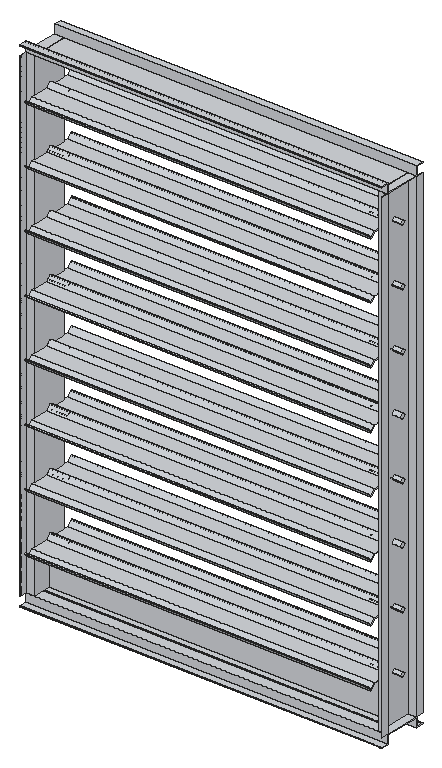
Revit family "CD-110,111", category Mechanical Equipment, Revit 2015
Parameters
  URL = "http://unitedenertech.com/catalog/pdf/A_3%20CD-110,%20111.pdf"
  Type Comments = "Max. Single Section Size is (48\"w x 60\"h)"
  Model = "CD-110, CD-111"
  Manufacturer = "United Enertech Corporation"
  Keynote = "This model is only a representation of the product, blade position will vary from built dampers."
  Exact Width = 3' - 0"
  Exact Height = 4' - 2"
  Description = "Opposed Blade / Parallel Blade Heavy Duty Steel Blade Control Damper"
  Blade Spacing = 0' - 5 3/4"
  Blade Number [instance] = rounddown((Exact Height - 0' 4") / Blade Spacing)  # 8
  BW [instance] = Exact Width - 0' 1 247/256"  # 2' - 10 9/256"
Reference planes (in)
  plane 1 "Center (Front/Back)": y = 0
  plane 2: z = 0
  plane 3 "Center (Left/Right)": x = 0
  plane 4: x = -18
  plane 5: x = 18
  plane 6: z = 50
  plane 7: z = 49.0652
  plane 8: z = 0.9348
  plane 9: x = -17.0652
  plane 10: x = 17.0652
  plane 11: z = 45.63988
Forms (in)
  Extrusion 1, solid
    sketch origin (18.89882, -8.11588, 0) x (1, 0, 0) y (0, 1, 0)
      loop
        line (-36.83902, 8.11588) -> (-36.83902, 8.17568) -> (-36.83902, 8.80608) -> (-35.96402, 8.80608) -> (-35.96402, 12.42568) -> (-36.83902, 12.42568) -> (-36.83902, 13.05608) -> (-36.83902, 13.11588) -> (-36.89882, 13.11588) -> (-36.89882, 12.36588) -> (-36.02382, 12.36588) -> (-36.02382, 8.86588) -> (-36.89882, 8.86588) -> (-36.89882, 8.11588) -> (-36.83902, 8.11588)
    from 0.9348 to 49.0652
  Extrusion 2, solid
    sketch origin (-18.89882, -8.11588, 0) x (-1, 0, 0) y (0, -1, 0)
      loop
        line (-36.83902, -8.11588) -> (-36.89882, -8.11588) -> (-36.89882, -8.86588) -> (-36.02382, -8.86588) -> (-36.02382, -12.36588) -> (-36.89882, -12.36588) -> (-36.89882, -13.11588) -> (-36.83902, -13.11588) -> (-36.83902, -13.05608) -> (-36.83902, -12.42568) -> (-35.96402, -12.42568) -> (-35.96402, -8.80608) -> (-36.83902, -8.80608) -> (-36.83902, -8.17568) -> (-36.83902, -8.11588)
    from 0.9348 to 49.0652
  Extrusion 3, solid
    sketch origin (-18.65691, -8.11588, 5.10118) x (0, 0, -1) y (0, 1, 0)
      loop
        line (-44.83902, 8.11588) -> (-44.83902, 8.17568) -> (-44.83902, 8.80608) -> (-43.96402, 8.80608) -> (-43.96402, 12.42568) -> (-44.83902, 12.42568) -> (-44.83902, 13.05608) -> (-44.83902, 13.11588) -> (-44.89882, 13.11588) -> (-44.89882, 12.36588) -> (-44.02382, 12.36588) -> (-44.02382, 8.86588) -> (-44.89882, 8.86588) -> (-44.89882, 8.11588) -> (-44.83902, 8.11588)
    from 0.65691 to 36.65691
  Extrusion 4, solid
    sketch origin (-30.43142, -8.11588, 36.89882) x (0, 0, 1) y (0, 1, 0)
      loop
        line (-36.83902, 8.17568) -> (-36.83902, 8.80608) -> (-35.96402, 8.80608) -> (-35.96402, 12.42568) -> (-36.83902, 12.42568) -> (-36.83902, 13.05608) -> (-36.83902, 13.11588) -> (-36.89882, 13.11588) -> (-36.89882, 12.36588) -> (-36.02382, 12.36588) -> (-36.02382, 8.86588) -> (-36.89882, 8.86588) -> (-36.89882, 8.11588) -> (-36.83902, 8.11588) -> (-36.83902, 8.17568)
    from -48.43142 to -12.43142
  Extrusion 5, solid
    sketch origin (-35.50069, -38.44609, 25.36795) x (0, -1, 0) y (0, 0, -1)
      loop
        line (-41.02709, -23.19725) -> (-41.02709, -23.69725) -> (-40.27709, -23.69725) -> (-40.27709, -23.61625) -> (-40.94609, -23.61625) -> (-40.94609, -23.19725) -> (-41.02709, -23.19725)
    from 18.43549 to 52.56589
  Extrusion 6, solid
    sketch origin (0, 0, 0) x (0, 1, 0) y (0, 0, 1)
      loop
        line (2.5, 0.9348) -> (2.5, 4.9348) -> (2.42187, 4.9348) -> (2.42187, 1.01292) -> (1.75, 1.01292) -> (1.75, 0.9348) -> (2.5, 0.9348)
    from -17.0652 to 17.0652
Dimensions and locks (in)
  equal spacing: plane 4, plane 3 "Center (Left/Right)", plane 5
  "Exact Width": plane 4 to plane 5
  "Exact Height": plane 6 to level
  locked: plane 6 to plane 7 at 0.9348
  locked: plane 8 to level at 0.9348
  locked: plane 10 to plane 5 at 0.9348
  locked: plane 4 to plane 9 at 0.9348
  locked: plane 6 to plane 11 at 4.36012
  equal spacing: group 1, group 2, group 3, group 4, group 5, group 6, group 7, group 8  (x2)
  equal spacing: group 8, group 7, group 6, group 5, group 4, group 3, group 2, group 1
  "Blade Spacing": nested 1 to nested 2
  aligned and locked: level to plane 2
  aligned and locked: plane 6 to Extrusion 3
  aligned and locked: plane 4 to Extrusion 3
  aligned and locked: Extrusion 3 to plane 5
  aligned and locked: plane 7 to Extrusion 1
  aligned and locked: plane 7 to Extrusion 2
  aligned and locked: Extrusion 1 to plane 8
  aligned and locked: Extrusion 2 to plane 8
  aligned and locked: Extrusion 4 to plane 5
  aligned and locked: plane 4 to Extrusion 4
  aligned and locked: Extrusion 5 to Extrusion 3
  aligned and locked: plane 10 to Extrusion 5
  aligned and locked: Extrusion 5 to plane 9
  aligned and locked: plane 11 to nested 1
  aligned and locked: plane 10 to Extrusion 6
  aligned and locked: Extrusion 6 to plane 9
Automatic sketch dimensions
  Extrusion 1 sketch curve to plane 4 = 0' - 0"  (x2)
  plane 1 "Center (Front/Back)" to Extrusion 1 sketch curve = 0' - 0"
  Extrusion 1 sketch curve to plane 9 = 0' - 0"
  Extrusion 1 sketch curve to plane 4 = 0' - 0.0598"  (x2)
  Extrusion 1 sketch curve to plane 9 = 0' - 0.0598"
  Extrusion 1 sketch curve to plane 1 "Center (Front/Back)" = 0' - 0.0598"
  Extrusion 1 sketch curve to Extrusion 1 sketch curve = 0' - 0.6304"  (x2)
  Extrusion 1 sketch curve to Extrusion 1 sketch curve = 0' - 0.0598"  (x3)
  Extrusion 1 sketch curve to Extrusion 1 sketch curve = 0' - 3 1/2"
  Extrusion 2 sketch curve to plane 5 = 0' - 0"  (x2)
  plane 1 "Center (Front/Back)" to Extrusion 2 sketch curve = 0' - 0"
  Extrusion 2 sketch curve to plane 10 = 0' - 0"
  Extrusion 2 sketch curve to plane 5 = 0' - 0.0598"  (x2)
  Extrusion 2 sketch curve to plane 10 = 0' - 0.0598"
  Extrusion 2 sketch curve to Extrusion 2 sketch curve = 0' - 0.0598"  (x4)
  Extrusion 2 sketch curve to Extrusion 2 sketch curve = 0' - 0.6304"  (x2)
  Extrusion 2 sketch curve to Extrusion 2 sketch curve = 0' - 3 1/2"
  Extrusion 3 sketch curve to plane 6 = 0' - 0"  (x2)
  Extrusion 3 sketch curve to plane 1 "Center (Front/Back)" = 0' - 0"
  Extrusion 3 sketch curve to plane 7 = 0' - 0"
  Extrusion 3 sketch curve to plane 6 = 0' - 0.0598"  (x2)
  plane 7 to Extrusion 3 sketch curve = 0' - 0.0598"
  Extrusion 3 sketch curve to Extrusion 3 sketch curve = 0' - 0.0598"  (x4)
  Extrusion 3 sketch curve to Extrusion 3 sketch curve = 0' - 0.6304"  (x2)
  Extrusion 3 sketch curve to Extrusion 3 sketch curve = 0' - 3 1/2"
  Extrusion 4 sketch curve to level = 0' - 0"  (x2)
  Extrusion 4 sketch curve to plane 1 "Center (Front/Back)" = 0' - 0"
  Extrusion 4 sketch curve to plane 8 = 0' - 0"
  level to Extrusion 4 sketch curve = 0' - 0.0598"  (x2)
  Extrusion 4 sketch curve to plane 8 = 0' - 0.0598"
  Extrusion 4 sketch curve to plane 1 "Center (Front/Back)" = 0' - 0.0598"
  Extrusion 4 sketch curve to Extrusion 4 sketch curve = 0' - 0.6304"  (x2)
  Extrusion 4 sketch curve to Extrusion 4 sketch curve = 0' - 0.0598"  (x3)
  Extrusion 4 sketch curve to Extrusion 4 sketch curve = 0' - 3 1/2"
  Extrusion 5 sketch curve to plane 1 "Center (Front/Back)" = 0' - 2.581"
  Extrusion 5 sketch curve to Extrusion 5 sketch curve = 0' - 0.081"  (x2)
  Extrusion 5 sketch curve to Extrusion 5 sketch curve = 0' - 0.669"
  plane 8 to Extrusion 5 sketch curve = 4' - 0.1304"
  Extrusion 5 sketch curve to Extrusion 5 sketch curve = 0' - 0.419"
  Extrusion 6 sketch curve to plane 8 = 0' - 0"
  plane 8 to Extrusion 6 sketch curve = 0' - 0 5/64"
  Extrusion 6 sketch curve to plane 1 "Center (Front/Back)" = 0' - 1 3/4"
  Extrusion 6 sketch curve to plane 1 "Center (Front/Back)" = 0' - 2 27/64"
  Extrusion 6 sketch curve to Extrusion 6 sketch curve = 0' - 0 5/64"
  Extrusion 6 sketch curve to Extrusion 6 sketch curve = 0' - 3 59/64"
Nested families (in)
  nested 1: "CDBLADE" at (0, -1.88123, 39.60988), type "CDBLADE"
    with Blade Width 2' - 10 9/256"
  nested 2: "CDBLADE" at (0, -1.88123, 33.85988), type "CDBLADE"
    with Blade Width 2' - 10 9/256"
  nested 3: "CDBLADE" at (0, -1.88123, 28.10988), type "CDBLADE"
    with Blade Width 2' - 10 9/256"
  nested 4: "CDBLADE" at (0, -1.88123, 22.35988), type "CDBLADE"
    with Blade Width 2' - 10 9/256"
  nested 5: "CDBLADE" at (0, -1.88123, 16.60988), type "CDBLADE"
    with Blade Width 2' - 10 9/256"
  nested 6: "CDBLADE" at (0, -1.88123, 10.85988), type "CDBLADE"
    with Blade Width 2' - 10 9/256"
  nested 7: "CDBLADE" at (0, -1.88123, 5.10988), type "CDBLADE"
    with Blade Width 2' - 10 9/256"
  nested 8: "CDBLADE" at (0, -1.88123, -0.64012), type "CDBLADE"
    with Blade Width 2' - 10 9/256"
Definition of nested family "CDBLADE"
  Parameters (values of type "CDBLADE")
    Blade Width = 2' - 0"
  Reference planes (in)
    plane 1 "Center (Front/Back)": y = 0
    plane 2: z = 0
    plane 3 "Center (Left/Right)": x = 0
    plane 4: x = -12
    plane 5: x = 12
    plane 6: x = -10
    plane 7: x = 10
    plane 8: x = 13
    plane 9: x = -13
  Forms (in)
    Extrusion 1, solid
      sketch origin (-5.47457, 40.29466, 20.09893) x (0, 1, 0) y (0, 0, 1)
        loop
          line (-38.9965, -14.09675) -> (-39.03892, -14.13918) -> (-38.59483, -14.58328) -> (-38.14048, -14.12893) -> (-36.34342, -14.12893) -> (-35.91392, -13.69943) -> (-35.48443, -14.12893) -> (-33.66252, -14.12893) -> (-33.23302, -13.69943) -> (-32.83135, -14.1011) -> (-32.78892, -14.05868) -> (-33.23302, -13.61458) -> (-33.68737, -14.06893) -> (-35.45957, -14.06893) -> (-35.91392, -13.61458) -> (-36.36828, -14.06893) -> (-38.16533, -14.06893) -> (-38.59483, -14.49842) -> (-38.9965, -14.09675)
      from -6.52543 to 17.47457
    Extrusion 2, solid
      sketch origin (-5.47457, 40.31254, 20.55465) x (0, 1, 0) y (0, 0, 1)
        loop
          line (-35.93181, -14.15516) -> (-36.19054, -14.4148) -> (-35.93131, -14.67313) -> (-35.67217, -14.41399) -> (-35.93181, -14.15516)
      from 15.47457 to 18.47457
    Extrusion 3, solid
      sketch origin (-19.72457, 40.31254, 20.55465) x (0, 1, 0) y (0, 0, 1)
        loop
          line (-35.93181, -14.15516) -> (-36.19054, -14.4148) -> (-35.93131, -14.67313) -> (-35.67217, -14.41399) -> (-35.93181, -14.15516)
      from 6.72457 to 9.72457
  Dimensions and locks (in)
    equal spacing: plane 4, plane 3 "Center (Left/Right)", plane 5
    "Blade Width": plane 4 to plane 5
    locked: plane 9 to plane 4 at 1
    locked: plane 4 to plane 6 at 2
    locked: plane 7 to plane 5 at 2
    locked: plane 5 to plane 8 at 1
    aligned and locked: level to plane 2
    aligned and locked: plane 4 to Extrusion 1
    aligned and locked: plane 5 to Extrusion 1
    aligned and locked: plane 8 to Extrusion 2
    aligned and locked: plane 7 to Extrusion 2
    aligned and locked: Extrusion 3 to plane 9
    aligned and locked: Extrusion 3 to plane 6
  Automatic sketch dimensions
    Extrusion 1 sketch curve to plane 1 "Center (Front/Back)" = 0' - 1.25573"
    Extrusion 1 sketch curve to Extrusion 1 sketch curve = 0' - 0.04243"  (x2)
    Extrusion 1 sketch curve to Extrusion 1 sketch curve = 0' - 0.40167"  (x2)
    Extrusion 1 sketch curve to Extrusion 1 sketch curve = 0' - 0"  (x4)
    Extrusion 1 sketch curve to Extrusion 1 sketch curve = 0' - 0.4295"  (x2)
    Extrusion 1 sketch curve to Extrusion 1 sketch curve = 0' - 0.02485"  (x4)
    Extrusion 1 sketch curve to Extrusion 1 sketch curve = 0' - 1.7722"  (x2)
    Extrusion 1 sketch curve to Extrusion 1 sketch curve = 0' - 0.45435"  (x2)
    level to Extrusion 1 sketch curve = 0' - 5.51565"
    Extrusion 1 sketch curve to Extrusion 1 sketch curve = 0' - 0.35925"
    Extrusion 1 sketch curve to Extrusion 1 sketch curve = 0' - 0.02782"
    Extrusion 2 sketch curve to plane 1 "Center (Front/Back)" = 0' - 4.122"
    Extrusion 2 sketch curve to Extrusion 2 sketch curve = 0' - 0.25873"
    Extrusion 2 sketch curve to Extrusion 2 sketch curve = 0' - 0.25923"
    Extrusion 2 sketch curve to Extrusion 2 sketch curve = 0' - 0.25914"  (x2)
    level to Extrusion 2 sketch curve = 0' - 5.88153"
    Extrusion 2 sketch curve to Extrusion 2 sketch curve = 0' - 0.25833"
    Extrusion 3 sketch curve to plane 1 "Center (Front/Back)" = 0' - 4.122"
    Extrusion 3 sketch curve to Extrusion 3 sketch curve = 0' - 0.25873"
    Extrusion 3 sketch curve to Extrusion 3 sketch curve = 0' - 0.25923"
    Extrusion 3 sketch curve to Extrusion 3 sketch curve = 0' - 0.25914"  (x2)
    level to Extrusion 3 sketch curve = 0' - 5.88153"
    Extrusion 3 sketch curve to Extrusion 3 sketch curve = 0' - 0.25833"
